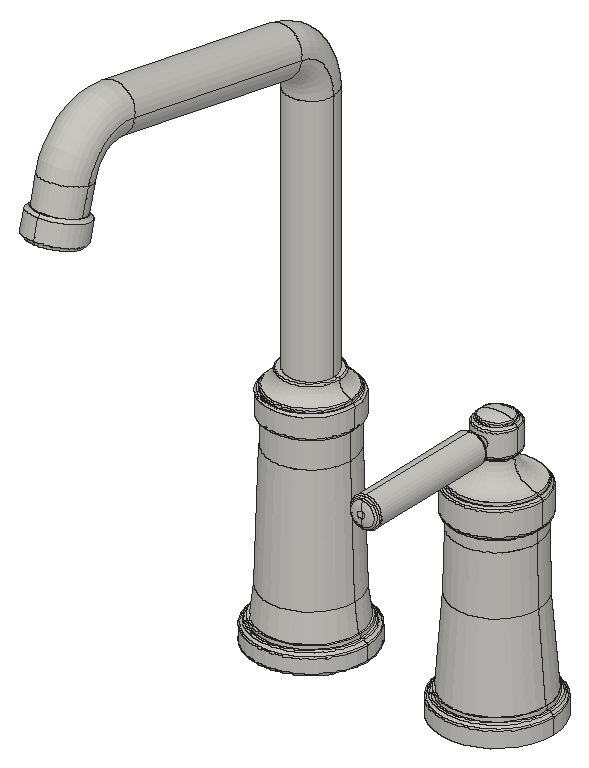
Revit family "Faucet-Bar-KALLISTA-Quincy-P25005", category Plumbing Fixtures, host Face, Revit 2022
Family settings
  Host = Face
  Round Connector Dimension = Use Diameter
  Part Type = Normal
  OmniClass Number = 23.31.11.00
  OmniClass Title = Faucets
  Cut with Voids When Loaded = No
  Maintain Annotation Orientation = No
  Shared = No
  Room Calculation Point = No
Parameters (values of type "AD-Nickel Silver")
  Width [instance] = 4"
  WaterSense Certified = 1 = 0  # no
  Waste Water Outlet = "Waste Water Outlet"  # constant formula
  Waste Connection = 1 = 0  # no
  Vent Connection = 1 = 0  # no
  URL = "https://www.kallista.com/"
  Type = 1
  Spout Reach = 6.8937"  # constant formula
  Product Page URL = "https://www.kallista.com/products/luxury-kitchen/faucets/kitchen/quincy-deck-mount-bridge-faucet-lever-handles-p25001-00/ad-nickel-silver"
  Product Name = "Quincy"  # constant formula
  Product Documentation Link = "https://techcomm.kohler.com/techcomm/pdf/1140092-4.pdf"
  Pressure = 60.00 psi  # constant formula
  Model = if(Type = 1, "P25005-00-AD", if(Type = 2, "P25005-00-AG", if(Type = 3, "P25005-00-CP", if(Type = 4, "P25005-00-ULB", "NA"))))  # "P25005-00-AD"
  Material = "Premium Metal Construction"  # constant formula
  Master Format 2014 Name = "Residential Faucets, Supplies, and Trim"  # constant formula
  Master Format 2014 = "22 41 39"  # constant formula
  Manufacturer Address = "444 Highland Dr, Kohler, WI 53044"  # constant formula
  Manufacturer = "Kallista Co."  # constant formula
  Length = Spout Reach  # 6.8937"
  Hot Water Inlet = "Hot Water Inlet"  # constant formula
  Height = 13.09843"  # constant formula
  Handle Clearance = 3.6378"  # constant formula
  HW Connection = 1 = 1  # yes
  Flow Rate = 1.8 GPM  # constant formula
  Finish = Kallista-Metal-AD-Nickel_Silver
  Environmental Product Declaration = ""
  Drain Included = 1 = 0  # no
  Description = "Deck-Mount Bridge Faucet, Lever Handles"  # constant formula
  Default Elevation = 36"
  Declare Label = ""
  Date Modified = "05/11/2025"  # constant formula
  Date Created = "05/11/2025"  # constant formula
  Copyright = "Copyright Kallista Co."  # constant formula
  Contact Us = "https://www.kallista.com/corporate/contact-us/"
  Cold Water Inlet = "Cold Water Inlet"  # constant formula
  CW Connection = 1 = 1  # yes
  Assembly Code = "D2010"
  ADA Compliant = 1 = 1  # yes
Reference planes (in)
  plane 1 "Center (Front/Back)": y = 0
  plane 2: z = 0
  plane 3 "Center (Left/Right)": x = 0
  plane 4: x = 4
  plane 5: y = 1.2185
  plane 6: y = -1.2185
  plane 7: x = -1.2185
  plane 8: x = 1.2185
  plane 9: x = 2.7815
  plane 10: x = 5.2185
  plane 11: y = -3.6378
  plane 12: z = 8.07087
  plane 13: z = 5.82283
  plane 14: x = 3.41756
  plane 15: x = 4.58244
  plane 16: z = 13.09843
  plane 17: y = -7.4519
  plane 18: y = -6.8937
Dimensions and locks (in)
  "Width": plane 3 "Center (Left/Right)" to plane 4
  plane 7 to plane 3 "Center (Left/Right)" to plane 8 = 1.2185", 1.2185"
  plane 7 to plane 8 = 2.43701"
  plane 9 to plane 4 to plane 10 = 1.2185", 1.2185"
  plane 9 to plane 10 = 2.43701"
  "Handle Clearance": plane 1 "Center (Front/Back)" to plane 11
  plane 14 to plane 4 to plane 15 = 0.58244", 0.58244"
  plane 14 to plane 15 = 1.16488"
  "Length": plane 1 "Center (Front/Back)" to plane 18
  "Height": level to plane 16
  aligned and locked: plane 2 to host face
  aligned and locked: level to host face
  aligned and locked: plane 3 "Center (Left/Right)" to nested 1
  aligned and locked: plane 1 "Center (Front/Back)" to nested 1  (x2)
  aligned and locked: plane 4 to nested 2
  aligned and locked: plane 1 "Center (Front/Back)" to nested 2
Automatic sketch dimensions
  host sketch curve to host sketch curve = 96"  (x2)
Nested families (in)
  nested 1: "P25005" at (0, 0, 0), type "P25005"
  nested 2: "P25005_Handle" at (4, 0, 0), type "P25005_Handle"
Connectors (in)
  piping at (3.41756, 0, 0), diameter 0.37402, driven by "Flow Rate", driven by "Pressure", driven by "HW Connection", driven by "Hot Water Inlet"
    settings: on nested 2, index 1, connector inside diameter 24", connector length 0", flow factor 0, pipe flow 1.8 GPM, pressure drop 60.00 psi, fitting loss kfactor 0, connector angle 0.00°, fixture units 0, engagement length 0", angle of deflection 0.00°, flow configuration 1, flow direction 1, fitting loss method 4, system type 19, joint type 0, gender type 0, connector reference index -1, connector utility 1, adjustable connector no, is connector primary yes, connector description "Hot Water Inlet"
  piping at (4.58244, 0, 0), diameter 0.37402, driven by "Flow Rate", driven by "Pressure", driven by "CW Connection", driven by "Cold Water Inlet"
    settings: on nested 2, index 2, connector inside diameter 24", connector length 0", flow factor 0, pipe flow 1.8 GPM, pressure drop 60.00 psi, fitting loss kfactor 0, connector angle 0.00°, fixture units 0, engagement length 0", angle of deflection 0.00°, flow configuration 1, flow direction 1, fitting loss method 4, system type 20, joint type 0, gender type 0, connector reference index -1, connector utility 1, adjustable connector no, is connector primary no, connector description "Cold Water Inlet"
Definition of nested family "P25005"
  Parameters (values of type "P25005")
    Material = none
    Default Elevation = 0"
  Reference planes (in)
    plane 1 "Center (Front/Back)": y = 0
    plane 2: z = 0
    plane 3 "Center (Left/Right)": x = 0
    plane 4: y = 1.2185
    plane 5: y = -1.2185
    plane 6: x = -1.2185
    plane 7: x = 1.2185
    plane 8: y = -7.4519
    plane 9: x = -0.5
    plane 10: x = 0.5
    plane 11: z = 13.09843
    plane 12: z = 10.70472
    plane 13: y = -6.8937
  Forms (in)
    Revolve 1, solid, material <- "Material", detail levels medium+fine
      sketch origin (0, 0, 0) x (1, 0, 0) y (0, 0, 1)
        loop
          line (0, 0) -> (0, 5.24737) -> (-0.5987, 5.24737)
          arc (-0.5987, 5.24737) -> (-0.61351, 5.24145) -> (-0.62016, 5.22695) r 0.02149
          arc (-0.62016, 5.22695) -> (-0.68927, 5.03882) -> (-0.85304, 4.92328) r 0.33674
          arc (-0.85304, 4.92328) -> (-0.86673, 4.91337) -> (-0.87196, 4.89729) r 0.02731
          line (-0.87196, 4.89729) -> (-0.87196, 4.85449) -> (-0.91211, 4.85449)
          arc (-0.91211, 4.85449) -> (-0.92469, 4.82639) -> (-0.95022, 4.80918) r 0.05602
          line (-0.95022, 4.80918) -> (-0.95022, 4.39398)
          arc (-0.95022, 4.39398) -> (-0.9167, 4.37883) -> (-0.8998, 4.34615) r 0.05602
          line (-0.8998, 4.34615) -> (-0.86571, 4.34615) -> (-0.86571, 3.7556)
          arc (-0.86571, 3.7556) -> (-0.88834, 2.41311) -> (-0.9562, 1.07214) r 39.83368
          arc (-0.9562, 1.07214) -> (-0.98476, 0.77921) -> (-1.03069, 0.48849) r 4.94608
          line (-1.03069, 0.48849) -> (-1.07351, 0.48849) -> (-1.07351, 0.41867) -> (-1.12338, 0.41867)
          arc (-1.12338, 0.41867) -> (-1.13798, 0.41404) -> (-1.14724, 0.40185) r 0.02533
          arc (-1.14724, 0.40185) -> (-1.16844, 0.36696) -> (-1.20168, 0.34325) r 0.1014
          arc (-1.20168, 0.34325) -> (-1.21393, 0.33282) -> (-1.2185, 0.31739) r 0.02828
          line (-1.2185, 0.31739) -> (-1.2185, 0.02185)
          arc (-1.2185, 0.02185) -> (-1.21211, 0.0064) -> (-1.19666, 0) r 0.02185
          line (-1.19666, 0) -> (0, 0)
        axis (0, 5.24737) -> (0, 0)
      angle from 0 to 360
    Sweep 2, solid, material <- "Material", detail levels medium+fine
      path origin (0, 0, 0) x (0, 1, 0) y (0, 0, 1)
        loop
          line (0.49737, 5.23083) -> (0.49737, 10.64794)
          arc (0.49737, 10.64794) -> (0.13772, 11.64963) -> (-0.77695, 12.19381) r 1.5748
          line (-0.77695, 12.19381) -> (-5.25198, 13.06366)
          arc (-5.25198, 13.06366) -> (-6.38699, 12.8533) -> (-7.07361, 11.92538) r 1.5748
          line (-7.07361, 11.92538) -> (-7.22016, 11.37844)
      profile origin (0, 0.49737, 7.93938) x (0, -1, 0) y (1, 0, 0)
        loop
          circle (0.49737, 0) r 0.49737
    Revolve 3, solid, material <- "Material", detail levels medium+fine
      sketch origin (0, 0, 0) x (0, 1, 0) y (0, 0, 1)
        loop
          line (-6.74582, 11.24911) -> (-7.2517, 11.38466)
          arc (-7.2517, 11.38466) -> (-7.28476, 11.3462) -> (-7.33433, 11.33545) r 0.07975
          line (-7.33433, 11.33545) -> (-7.44488, 10.92287)
          arc (-7.44488, 10.92287) -> (-7.40926, 10.88842) -> (-7.39757, 10.84028) r 0.08904
          line (-7.39757, 10.84028) -> (-7.27222, 10.80669) -> (-7.24727, 10.8998) -> (-6.86674, 10.79783) -> (-6.74582, 11.24911)
        axis (-6.74582, 11.24911) -> (-6.89169, 10.70472)
      angle from 0 to 360
    Extrusion 4, solid, detail levels medium+fine
      sketch origin (0, -6.89169, 10.70472) x (0, -0.965926, 0.258819) y (-1, 0, 0)
        loop
          circle (0, 0) r 0.26955
        loop
          line (-0.02087, 0.03615) -> (-0.04175, 0) -> (-0.02087, -0.03615) -> (0.02087, -0.03615) -> (0.04175, 0) -> (0.02087, 0.03615) -> (-0.02087, 0.03615)
        loop
          line (-0.02087, 0.12456) -> (-0.04175, 0.0884) -> (-0.02087, 0.05225) -> (0.02087, 0.05225) -> (0.04175, 0.0884) -> (0.02087, 0.12456) -> (-0.02087, 0.12456)
        loop
          line (-0.02087, 0.22772) -> (-0.04175, 0.19156) -> (-0.02087, 0.15541) -> (0.02087, 0.15541) -> (0.04175, 0.19156) -> (0.02087, 0.22772) -> (-0.02087, 0.22772)
        loop
          line (-0.12218, 0.22772) -> (-0.14305, 0.19156) -> (-0.12218, 0.15541) -> (-0.08043, 0.15541) -> (-0.05956, 0.19156) -> (-0.08043, 0.22772) -> (-0.12218, 0.22772)
        loop
          line (-0.12218, 0.12456) -> (-0.14305, 0.0884) -> (-0.12218, 0.05225) -> (-0.08043, 0.05225) -> (-0.05956, 0.0884) -> (-0.08043, 0.12456) -> (-0.12218, 0.12456)
        loop
          line (-0.12218, 0.03144) -> (-0.14305, -0.00471) -> (-0.12218, -0.04086) -> (-0.08043, -0.04086) -> (-0.05956, -0.00471) -> (-0.08043, 0.03144) -> (-0.12218, 0.03144)
        loop
          line (-0.21768, 0.03144) -> (-0.23855, -0.00471) -> (-0.21768, -0.04086) -> (-0.17594, -0.04086) -> (-0.15506, -0.00471) -> (-0.17594, 0.03144) -> (-0.21768, 0.03144)
        loop
          line (-0.21768, 0.1346) -> (-0.23855, 0.09845) -> (-0.21768, 0.0623) -> (-0.17594, 0.0623) -> (-0.15506, 0.09845) -> (-0.17594, 0.1346) -> (-0.21768, 0.1346)
        loop
          line (-0.21768, -0.06167) -> (-0.23855, -0.09782) -> (-0.21768, -0.13397) -> (-0.17594, -0.13397) -> (-0.15506, -0.09782) -> (-0.17594, -0.06167) -> (-0.21768, -0.06167)
        loop
          line (-0.11017, -0.06167) -> (-0.13104, -0.09782) -> (-0.11017, -0.13397) -> (-0.06842, -0.13397) -> (-0.04755, -0.09782) -> (-0.06842, -0.06167) -> (-0.11017, -0.06167)
        loop
          line (-0.11017, -0.14628) -> (-0.13104, -0.18243) -> (-0.11017, -0.21858) -> (-0.06842, -0.21858) -> (-0.04755, -0.18243) -> (-0.06842, -0.14628) -> (-0.11017, -0.14628)
        loop
          line (-0.02395, -0.04776) -> (-0.04483, -0.08391) -> (-0.02395, -0.12007) -> (0.01779, -0.12007) -> (0.03867, -0.08391) -> (0.01779, -0.04776) -> (-0.02395, -0.04776)
        loop
          line (-0.02395, -0.15986) -> (-0.04483, -0.19601) -> (-0.02395, -0.23217) -> (0.01779, -0.23217) -> (0.03867, -0.19601) -> (0.01779, -0.15986) -> (-0.02395, -0.15986)
        loop
          line (0.12218, 0.22772) -> (0.08043, 0.22772) -> (0.05956, 0.19156) -> (0.08043, 0.15541) -> (0.12218, 0.15541) -> (0.14305, 0.19156) -> (0.12218, 0.22772)
        loop
          line (0.12218, 0.12456) -> (0.08043, 0.12456) -> (0.05956, 0.0884) -> (0.08043, 0.05225) -> (0.12218, 0.05225) -> (0.14305, 0.0884) -> (0.12218, 0.12456)
        loop
          line (0.12218, 0.03144) -> (0.08043, 0.03144) -> (0.05956, -0.00471) -> (0.08043, -0.04086) -> (0.12218, -0.04086) -> (0.14305, -0.00471) -> (0.12218, 0.03144)
        loop
          line (0.21768, 0.03144) -> (0.17594, 0.03144) -> (0.15506, -0.00471) -> (0.17594, -0.04086) -> (0.21768, -0.04086) -> (0.23855, -0.00471) -> (0.21768, 0.03144)
        loop
          line (0.21768, 0.1346) -> (0.17594, 0.1346) -> (0.15506, 0.09845) -> (0.17594, 0.0623) -> (0.21768, 0.0623) -> (0.23855, 0.09845) -> (0.21768, 0.1346)
        loop
          line (0.21768, -0.06167) -> (0.17594, -0.06167) -> (0.15506, -0.09782) -> (0.17594, -0.13397) -> (0.21768, -0.13397) -> (0.23855, -0.09782) -> (0.21768, -0.06167)
        loop
          line (0.11017, -0.06167) -> (0.06842, -0.06167) -> (0.04755, -0.09782) -> (0.06842, -0.13397) -> (0.11017, -0.13397) -> (0.13104, -0.09782) -> (0.11017, -0.06167)
        loop
          line (0.11017, -0.14628) -> (0.06842, -0.14628) -> (0.04755, -0.18243) -> (0.06842, -0.21858) -> (0.11017, -0.21858) -> (0.13104, -0.18243) -> (0.11017, -0.14628)
      from -0.29131 to 0
    Extrusion 5, solid, detail levels medium+fine
      sketch origin (0, -6.89169, 10.70472) x (0, -0.965926, 0.258819) y (-1, 0, 0)
        loop
          arc (0.39395, 0) -> (0.39231, 0.03598) -> (0.38738, 0.07166) r 0.39395
          line (0.38738, 0.07166) -> (0.32779, 0.06064)
          arc (0.32779, 0.06064) -> (0.33332, -0.00455) -> (0.32601, -0.06956) r 0.33335
          line (0.32601, -0.06956) -> (0.38528, -0.08221)
          arc (0.38528, -0.08221) -> (0.39178, -0.04133) -> (0.39395, 0) r 0.39395
        loop
          arc (-0.39395, 0) -> (-0.39218, -0.03733) -> (-0.38688, -0.07432) r 0.39395
          line (-0.38688, -0.07432) -> (-0.32752, -0.06208)
          arc (-0.32752, -0.06208) -> (-0.33334, 0.00198) -> (-0.32676, 0.06597) r 0.33335
          line (-0.32676, 0.06597) -> (-0.38616, 0.07796)
          arc (-0.38616, 0.07796) -> (-0.392, 0.03917) -> (-0.39395, 0) r 0.39395
        loop
          arc (0.07094, 0.38752) -> (-0.00438, 0.39393) -> (-0.07953, 0.38584) r 0.39395
          line (-0.07953, 0.38584) -> (-0.06729, 0.32649)
          arc (-0.06729, 0.32649) -> (-0.0037, 0.33333) -> (0.06002, 0.3279) r 0.33335
          line (0.06002, 0.3279) -> (0.07094, 0.38752)
        loop
          line (0.22442, 0.32379) -> (0.18989, 0.27398)
          arc (0.18989, 0.27398) -> (0.23644, 0.23498) -> (0.27515, 0.18819) r 0.33335
          line (0.27515, 0.18819) -> (0.32517, 0.22241)
          arc (0.32517, 0.22241) -> (0.27943, 0.2777) -> (0.22442, 0.32379) r 0.39395
        loop
          line (0.3251, -0.22251) -> (0.27509, -0.18828)
          arc (0.27509, -0.18828) -> (0.23458, -0.23684) -> (0.18563, -0.27688) r 0.33335
          line (0.18563, -0.27688) -> (0.21938, -0.32722)
          arc (0.21938, -0.32722) -> (0.27723, -0.2799) -> (0.3251, -0.22251) r 0.39395
        loop
          arc (0.06729, -0.32649) -> (0.0037, -0.33333) -> (-0.06002, -0.3279) r 0.33335
          line (-0.06002, -0.3279) -> (-0.07094, -0.38752)
          arc (-0.07094, -0.38752) -> (0.00438, -0.39393) -> (0.07953, -0.38584) r 0.39395
          line (0.07953, -0.38584) -> (0.06729, -0.32649)
        loop
          arc (-0.22304, 0.32473) -> (-0.28172, 0.27538) -> (-0.32972, 0.21561) r 0.39395
          line (-0.32972, 0.21561) -> (-0.27412, 0.18968)
          arc (-0.27412, 0.18968) -> (-0.23531, 0.23612) -> (-0.18873, 0.27478) r 0.33335
          line (-0.18873, 0.27478) -> (-0.22304, 0.32473)
        loop
          arc (-0.32443, -0.22348) -> (-0.27615, -0.28096) -> (-0.21784, -0.32824) r 0.39395
          line (-0.21784, -0.32824) -> (-0.18433, -0.27775)
          arc (-0.18433, -0.27775) -> (-0.23367, -0.23774) -> (-0.27452, -0.1891) r 0.33335
          line (-0.27452, -0.1891) -> (-0.32443, -0.22348)
      from -0.29131 to 0
    Sweep 6, solid, material <- "Material", detail levels coarse
      path origin (0, 0, 0) x (0, 1, 0) y (0, 0, 1)
        loop
          line (0.49731, 5.24692) -> (0.49731, 10.66472)
          arc (0.49731, 10.66472) -> (0.13767, 11.66641) -> (-0.777, 12.21058) r 1.5748
          line (-0.777, 12.21058) -> (-5.18139, 13.06671)
          arc (-5.18139, 13.06671) -> (-6.37993, 12.84457) -> (-7.105, 11.8647) r 1.66297
          line (-7.105, 11.8647) -> (-7.3807, 10.83576)
      profile origin (0, 0.49731, 7.95582) x (0, -1, 0) y (1, 0, 0)
        loop
          circle (0.49731, 0) r 0.49731
    Revolve 7, solid, material <- "Material", detail levels coarse
      sketch origin (0, 0, 0) x (0, 1, 0) y (0, 0, 1)
        loop
          line (0, 5.24692) -> (0, 0) -> (1.2185, 0) -> (1.2185, 5.24692) -> (0, 5.24692)
        axis (0, 5.24692) -> (0, 0)
      angle from 0 to 360
  Lines and regions (in)
    Masking region 1
      outline origin (0, 0, 0) x (1, 0, 0) y (0, 1, 0)
        loop
          line (-0.5, -1.11119) -> (-0.5, -6.46588)
          arc (-0.5, -6.46588) -> (-0.57502, -6.63467) -> (-0.58803, -6.81893) r 0.53379
          spline (-0.58803, -6.81893) -> (-0.59028, -6.89815) -> (-0.58116, -6.97691) -> (-0.56082, -7.05369) -> (-0.52967, -7.12701) -> (-0.48831, -7.19545) -> (-0.43753, -7.25769) -> (-0.37831, -7.31255) -> (-0.31179, -7.35894) -> (-0.23926, -7.39599) -> (-0.16212, -7.42298) -> (-0.08185, -7.43938) -> (0, -7.44488)
          spline (0, -7.44488) -> (0.08185, -7.43938) -> (0.16212, -7.42298) -> (0.23926, -7.39599) -> (0.31179, -7.35894) -> (0.37831, -7.31255) -> (0.43753, -7.25769) -> (0.48831, -7.19545) -> (0.52967, -7.12701) -> (0.56082, -7.05369) -> (0.58116, -6.97691) -> (0.59028, -6.89815) -> (0.58803, -6.81893)
          arc (0.58803, -6.81893) -> (0.57502, -6.63467) -> (0.5, -6.46588) r 0.53379
          line (0.5, -6.46588) -> (0.5, -1.11119)
          arc (0.5, -1.11119) -> (-0.00245, 1.2185) -> (-0.49553, -1.11319) r 1.2185
    Masking region 2
      outline origin (0, 0, 0) x (1, 0, 0) y (0, 0, 1)
        loop
          spline (-0.58499, 11.19807) -> (-0.58581, 11.20247) -> (-0.58552, 11.20688) -> (-0.58413, 11.21128) -> (-0.58164, 11.21566) -> (-0.57804, 11.22002) -> (-0.57335, 11.22435) -> (-0.56758, 11.22864) -> (-0.56073, 11.23289) -> (-0.55283, 11.23708) -> (-0.54388, 11.2412) -> (-0.5339, 11.24526) -> (-0.52291, 11.24924)
          spline (-0.52291, 11.24924) -> (-0.52304, 11.25296) -> (-0.52276, 11.25669) -> (-0.52206, 11.26041) -> (-0.52095, 11.26412) -> (-0.51943, 11.26783) -> (-0.5175, 11.27152) -> (-0.51516, 11.2752) -> (-0.51241, 11.27886) -> (-0.50925, 11.2825) -> (-0.50569, 11.28611) -> (-0.50173, 11.2897) -> (-0.49737, 11.29326)
          line (-0.49737, 11.29326) -> (-0.49737, 12.59986)
          arc (-0.49737, 12.59986) -> (-0.35195, 12.95129) -> (-0.00074, 13.09723) r 0.49737
          arc (-0.00074, 13.09723) -> (0.35143, 12.95181) -> (0.49737, 12.59986) r 0.49737
          line (0.49737, 12.59986) -> (0.49737, 11.29326)
          spline (0.49737, 11.29326) -> (0.50173, 11.2897) -> (0.50569, 11.28611) -> (0.50925, 11.2825) -> (0.51241, 11.27886) -> (0.51516, 11.2752) -> (0.5175, 11.27152) -> (0.51943, 11.26783) -> (0.52095, 11.26412) -> (0.52206, 11.26041) -> (0.52276, 11.25669) -> (0.52304, 11.25296) -> (0.52291, 11.24924)
          spline (0.52291, 11.24924) -> (0.53281, 11.24567) -> (0.54189, 11.24205) -> (0.55016, 11.23836) -> (0.55759, 11.23463) -> (0.56417, 11.23085) -> (0.56989, 11.22702) -> (0.57475, 11.22316) -> (0.57874, 11.21927) -> (0.58184, 11.21536) -> (0.58406, 11.21143) -> (0.5854, 11.20749) -> (0.58584, 11.20354)
          line (0.58584, 11.20354) -> (0.58584, 10.75716)
          spline (0.58584, 10.75716) -> (0.58539, 10.75108) -> (0.58402, 10.74501) -> (0.58174, 10.73896) -> (0.57856, 10.73294) -> (0.57448, 10.72695) -> (0.5695, 10.72101) -> (0.56364, 10.71513) -> (0.5569, 10.70931) -> (0.54929, 10.70357) -> (0.54083, 10.69791) -> (0.53152, 10.69234) -> (0.52139, 10.68687)
          spline (0.52139, 10.68687) -> (0.52032, 10.68454) -> (0.51912, 10.68221) -> (0.51778, 10.6799) -> (0.51632, 10.67759) -> (0.51473, 10.67528) -> (0.51301, 10.67298) -> (0.51116, 10.67069) -> (0.50919, 10.66841) -> (0.50708, 10.66614) -> (0.50485, 10.66388) -> (0.50249, 10.66163) -> (0.5, 10.65939)
          line (0.5, 10.65939) -> (0.5, 5.25002) -> (0.61612, 5.25002)
          arc (0.61612, 5.25002) -> (0.69, 5.04216) -> (0.87196, 4.91743) r 0.35692
          line (0.87196, 4.91743) -> (0.87196, 4.85449) -> (0.91211, 4.85449)
          arc (0.91211, 4.85449) -> (0.92644, 4.82786) -> (0.95022, 4.80918) r 0.07407
          line (0.95022, 4.80918) -> (0.95022, 4.39398)
          arc (0.95022, 4.39398) -> (0.92272, 4.37574) -> (0.90813, 4.34615) r 0.06336
          line (0.90813, 4.34615) -> (0.87582, 4.34615) -> (0.87582, 3.29402)
          arc (0.87582, 3.29402) -> (0.91457, 1.88912) -> (1.03069, 0.48849) r 25.4898
          line (1.03069, 0.48849) -> (1.07351, 0.48849) -> (1.07351, 0.41867) -> (1.14133, 0.41867)
          arc (1.14133, 0.41867) -> (1.17117, 0.37018) -> (1.2185, 0.33854) r 0.13339
          line (1.2185, 0.33854) -> (1.2185, 0) -> (0, 0) -> (-1.2185, 0) -> (-1.2185, 0.33854)
          arc (-1.2185, 0.33854) -> (-1.17117, 0.37018) -> (-1.14133, 0.41867) r 0.13339
          line (-1.14133, 0.41867) -> (-1.07351, 0.41867) -> (-1.07351, 0.48849) -> (-1.03069, 0.48849)
          arc (-1.03069, 0.48849) -> (-0.91457, 1.88912) -> (-0.87582, 3.29402) r 25.4898
          line (-0.87582, 3.29402) -> (-0.87582, 4.34615) -> (-0.90813, 4.34615)
          arc (-0.90813, 4.34615) -> (-0.92272, 4.37574) -> (-0.95022, 4.39398) r 0.06336
          line (-0.95022, 4.39398) -> (-0.95022, 4.80918)
          arc (-0.95022, 4.80918) -> (-0.92644, 4.82786) -> (-0.91211, 4.85449) r 0.07407
          line (-0.91211, 4.85449) -> (-0.87196, 4.85449) -> (-0.87196, 4.91743)
          arc (-0.87196, 4.91743) -> (-0.69, 5.04216) -> (-0.61612, 5.25002) r 0.35692
          line (-0.61612, 5.25002) -> (-0.5, 5.25002) -> (-0.5, 10.65939)
          spline (-0.5, 10.65939) -> (-0.50249, 10.66163) -> (-0.50485, 10.66388) -> (-0.50708, 10.66614) -> (-0.50919, 10.66841) -> (-0.51116, 10.67069) -> (-0.51301, 10.67298) -> (-0.51473, 10.67528) -> (-0.51632, 10.67759) -> (-0.51778, 10.6799) -> (-0.51912, 10.68221) -> (-0.52032, 10.68454) -> (-0.52139, 10.68687)
          spline (-0.52139, 10.68687) -> (-0.53152, 10.69234) -> (-0.54083, 10.69791) -> (-0.54929, 10.70357) -> (-0.5569, 10.70931) -> (-0.56364, 10.71513) -> (-0.5695, 10.72101) -> (-0.57448, 10.72695) -> (-0.57856, 10.73294) -> (-0.58174, 10.73896) -> (-0.58402, 10.74501) -> (-0.58539, 10.75108) -> (-0.58584, 10.75716)
          line (-0.58584, 10.75716) -> (-0.58584, 11.20354)
    Masking region 3
      outline origin (0, 0, 0) x (0, 1, 0) y (0, 0, 1)
        loop
          line (1.2185, 0) -> (1.2185, 0.33722)
          arc (1.2185, 0.33722) -> (1.17574, 0.36264) -> (1.14478, 0.40159) r 0.13796
          arc (1.14478, 0.40159) -> (1.13296, 0.41401) -> (1.11643, 0.41859) r 0.03214
          line (1.11643, 0.41859) -> (1.07266, 0.41859) -> (1.07266, 0.48849) -> (1.02166, 0.48849)
          arc (1.02166, 0.48849) -> (0.90473, 1.79229) -> (0.86571, 3.10074) r 21.9572
          line (0.86571, 3.10074) -> (0.86571, 4.34615)
          arc (0.86571, 4.34615) -> (0.90517, 4.375) -> (0.95022, 4.39398) r 0.21068
          line (0.95022, 4.39398) -> (0.95022, 4.80918)
          arc (0.95022, 4.80918) -> (0.92483, 4.82651) -> (0.91211, 4.85449) r 0.05707
          line (0.91211, 4.85449) -> (0.87196, 4.85449) -> (0.87196, 4.91451)
          arc (0.87196, 4.91451) -> (0.69041, 5.04033) -> (0.61225, 5.24692) r 0.37188
          line (0.61225, 5.24692) -> (0.49731, 5.24692) -> (0.49731, 10.66472)
          arc (0.49731, 10.66472) -> (0.13767, 11.66641) -> (-0.777, 12.21058) r 1.5748
          line (-0.777, 12.21058) -> (-5.18139, 13.06671)
          arc (-5.18139, 13.06671) -> (-6.37993, 12.84457) -> (-7.105, 11.8647) r 1.66297
          line (-7.105, 11.8647) -> (-7.23484, 11.38015)
          arc (-7.23484, 11.38015) -> (-7.28468, 11.35026) -> (-7.34135, 11.33734) r 0.1848
          line (-7.34135, 11.33734) -> (-7.4519, 10.92475)
          arc (-7.4519, 10.92475) -> (-7.41256, 10.88325) -> (-7.3807, 10.83576) r 0.34071
          line (-7.3807, 10.83576) -> (-6.8952, 10.70567) -> (-6.40969, 10.57557)
          arc (-6.40969, 10.57557) -> (-6.35836, 10.60078) -> (-6.30353, 10.61704) r 0.34071
          line (-6.30353, 10.61704) -> (-6.19298, 11.02963)
          arc (-6.19298, 11.02963) -> (-6.23559, 11.06916) -> (-6.26382, 11.11996) r 0.1848
          line (-6.26382, 11.11996) -> (-6.11751, 11.666)
          arc (-6.11751, 11.666) -> (-5.8733, 11.99603) -> (-5.46962, 12.07085) r 0.5601
          line (-5.46962, 12.07085) -> (-0.97518, 11.19722)
          arc (-0.97518, 11.19722) -> (-0.63218, 10.99316) -> (-0.49731, 10.61752) r 0.59055
          line (-0.49731, 10.61752) -> (-0.49731, 5.24692) -> (-0.61225, 5.24692)
          arc (-0.61225, 5.24692) -> (-0.69041, 5.04033) -> (-0.87196, 4.91451) r 0.37188
          line (-0.87196, 4.91451) -> (-0.87196, 4.85449) -> (-0.91211, 4.85449)
          arc (-0.91211, 4.85449) -> (-0.92483, 4.82651) -> (-0.95022, 4.80918) r 0.05707
          line (-0.95022, 4.80918) -> (-0.95022, 4.39398)
          arc (-0.95022, 4.39398) -> (-0.90338, 4.37816) -> (-0.86571, 4.34615) r 0.13138
          line (-0.86571, 4.34615) -> (-0.86571, 3.10074)
          arc (-0.86571, 3.10074) -> (-0.90473, 1.79229) -> (-1.02166, 0.48849) r 21.9572
          line (-1.02166, 0.48849) -> (-1.07266, 0.48849) -> (-1.07266, 0.41859) -> (-1.11643, 0.41859)
          arc (-1.11643, 0.41859) -> (-1.13296, 0.41401) -> (-1.14478, 0.40159) r 0.03214
          arc (-1.14478, 0.40159) -> (-1.17574, 0.36264) -> (-1.2185, 0.33722) r 0.13796
          line (-1.2185, 0.33722) -> (-1.2185, 0) -> (0, 0) -> (1.2185, 0)
    symbolic lines, detail levels medium+fine
      curve 1: arc (0.5, -0.76285, 0) -> (0, 0.91211, 0) -> (-0.5, -0.76285, 0) r 0.91211
      curve 2: arc (0.50934, -1.06564, 0) -> (-0.00516, 1.18109, 0) -> (-0.5, -1.07005, 0) r 1.1811
      curve 3: arc (0.5, -0.70672, 0) -> (0, 0.86571, 0) -> (-0.5, -0.70672, 0) r 0.86571
      curve 4: line (-0.5, -1.2185, 0) -> (-0.5, -1.07005, 0)
      curve 5: line (0.5, -1.41535, 0) -> (0.5, -1.07005, 0)
      curve 6: arc (0.5, -0.00437, 0) -> (0.00437, 0.5, 0) -> (-0.5, 0.00437, 0) r 0.50002
      curve 7: line (-0.5, -0.2013, 0) -> (-0.5, 0.00437, 0)
      curve 8: line (0.5, -0.2013, 0) -> (0.5, -0.00437, 0)
      curve 9: arc (0.5, -0.2013, 0) -> (0, 0.539, 0) -> (-0.5, -0.2013, 0) r 0.539
      curve 10: line (0.5, -0.70672, 0) -> (0.5, -0.2013, 0)
      curve 11: line (0.5, -0.76285, 0) -> (0.5, -0.70672, 0)
      curve 12: line (-0.5, -0.70672, 0) -> (-0.5, -0.2013, 0)
      curve 13: line (-0.5, -0.76285, 0) -> (-0.5, -0.70672, 0)
      curve 14: line (-0.5, -0.94996, 0) -> (-0.5, -0.76285, 0)
      curve 15: line (0.5, -0.94996, 0) -> (0.5, -0.76285, 0)
      curve 16: arc (0.5, -0.94996, 0) -> (0, 1.07351, 0) -> (-0.5, -0.94996, 0) r 1.07351
      curve 17: line (0.5, -1.07005, 0) -> (0.5, -0.94996, 0)
      curve 18: line (-0.5, -1.07005, 0) -> (-0.5, -0.94996, 0)
      curve 19: line (-0.5, -6.46588, 0) -> (-0.5, -6.73282, 0)
      curve 20: line (0.5, -6.73282, 0) -> (0.5, -6.46588, 0)
      curve 21: arc (-0.5, -6.73282, 0) -> (0, -7.23282, 0) -> (0.5, -6.73282, 0) r 0.5
      curve 22: arc (-0.59088, -6.76381, 0) -> (-0.00033, -7.35436, 0) -> (0.59022, -6.76381, 0) r 0.59055
      curve 23: line (-1.03069, 0, 0.48849) -> (1.07351, 0, 0.48849)
      curve 24: line (-1.07351, 0, 0.41867) -> (1.07351, 0, 0.41867)
      curve 25: line (-1.2185, 0, 0.33854) -> (1.2185, 0, 0.33854)
      curve 26: line (-0.87196, 0, 4.85449) -> (0.87196, 0, 4.85449)
      curve 27: line (-0.8998, 0, 4.34615) -> (0.87582, 0, 4.34615)
      curve 28: line (0.95022, 0, 4.39398) -> (-0.95022, 0, 4.39398)
      curve 29: line (-0.95022, 0, 4.80918) -> (0.95022, 0, 4.80918)
      curve 30: line (-0.5, 0, 5.25002) -> (0.5, 0, 5.25002)
      curve 31: line (-0.87196, 0, 4.91743) -> (0.87196, 0, 4.91743)
      curve 32: spline (0, 0, 10.92287) -> (0.07078, 0, 10.92176) -> (0.14054, 0, 10.91848) -> (0.20828, 0, 10.91305) -> (0.27301, 0, 10.90556) -> (0.33381, 0, 10.89612) -> (0.38981, 0, 10.88486) -> (0.44019, 0, 10.87194) -> (0.48423, 0, 10.85756) -> (0.52129, 0, 10.84192) -> (0.55085, 0, 10.82523) -> (0.57247, 0, 10.80775) -> (0.58584, 0, 10.78973)
      curve 33: spline (0, 0, 10.56917) -> (-0.04765, 0, 10.56973) -> (-0.09491, 0, 10.5714) -> (-0.14139, 0, 10.57416) -> (-0.18671, 0, 10.57799) -> (-0.23049, 0, 10.58286) -> (-0.27239, 0, 10.58873) -> (-0.31204, 0, 10.59556) -> (-0.34914, 0, 10.60328) -> (-0.38336, 0, 10.61184) -> (-0.41444, 0, 10.62116) -> (-0.44211, 0, 10.63116) -> (-0.46616, 0, 10.64177)
      curve 34: spline (0, 0, 10.84028) -> (0.074, 0, 10.83893) -> (0.14652, 0, 10.83492) -> (0.21614, 0, 10.82832) -> (0.28146, 0, 10.81926) -> (0.34119, 0, 10.80793) -> (0.39414, 0, 10.79455) -> (0.43926, 0, 10.77939) -> (0.47566, 0, 10.76274) -> (0.5026, 0, 10.74494) -> (0.51956, 0, 10.72634) -> (0.5262, 0, 10.70731) -> (0.52238, 0, 10.68823)
      curve 35: spline (-0.58584, 0, 10.78973) -> (-0.57247, 0, 10.80775) -> (-0.55085, 0, 10.82523) -> (-0.52129, 0, 10.84192) -> (-0.48423, 0, 10.85756) -> (-0.44019, 0, 10.87194) -> (-0.38981, 0, 10.88486) -> (-0.33381, 0, 10.89612) -> (-0.27301, 0, 10.90556) -> (-0.20828, 0, 10.91305) -> (-0.14054, 0, 10.91848) -> (-0.07078, 0, 10.92176) -> (0, 0, 10.92287)
      curve 36: spline (0.36004, 0, 10.60586) -> (0.33524, 0, 10.60023) -> (0.30913, 0, 10.59502) -> (0.2818, 0, 10.59024) -> (0.25336, 0, 10.58591) -> (0.22391, 0, 10.58205) -> (0.19359, 0, 10.57868) -> (0.16251, 0, 10.5758) -> (0.13078, 0, 10.57343) -> (0.09854, 0, 10.57157) -> (0.06591, 0, 10.57024) -> (0.03302, 0, 10.56944) -> (0, 0, 10.56917)
      curve 37: spline (-0.51878, 0, 10.68179) -> (-0.52621, 0, 10.70135) -> (-0.52258, 0, 10.72097) -> (-0.50797, 0, 10.74025) -> (-0.48269, 0, 10.75879) -> (-0.44727, 0, 10.77619) -> (-0.40245, 0, 10.79209) -> (-0.34918, 0, 10.80615) -> (-0.28858, 0, 10.81809) -> (-0.22191, 0, 10.82764) -> (-0.15058, 0, 10.83461) -> (-0.07609, 0, 10.83885) -> (0, 0, 10.84028)
      curve 38: spline (0, 0, 10.60276) -> (-0.10196, 0, 10.60624) -> (-0.19698, 0, 10.61642) -> (-0.27857, 0, 10.63263) -> (-0.34117, 0, 10.65374) -> (-0.38053, 0, 10.67833) -> (-0.39395, 0, 10.70472) -> (-0.38053, 0, 10.73111) -> (-0.34117, 0, 10.75571) -> (-0.27857, 0, 10.77682) -> (-0.19698, 0, 10.79303) -> (-0.10196, 0, 10.80321) -> (0, 0, 10.80669)
      curve 39: spline (0, 0, 10.80669) -> (0.10196, 0, 10.80321) -> (0.19698, 0, 10.79303) -> (0.27857, 0, 10.77682) -> (0.34117, 0, 10.75571) -> (0.38053, 0, 10.73111) -> (0.39395, 0, 10.70472) -> (0.38053, 0, 10.67833) -> (0.34117, 0, 10.65374) -> (0.27857, 0, 10.63263) -> (0.19698, 0, 10.61642) -> (0.10196, 0, 10.60624) -> (0, 0, 10.60276)
      curve 40: arc (-0.46616, 0, 10.64177) -> (-0.48318, 0, 10.65038) -> (-0.5, 0, 10.65939) r 0.81105
      curve 41: arc (0.49998, 0, 10.65941) -> (0.43173, 0, 10.62813) -> (0.36004, 0, 10.60586) r 0.58486
      curve 42: arc (-0.52321, 0, 11.24925) -> (0, 0, 11.29656) -> (0.52321, 0, 11.24925) r 2.91634
      curve 43: arc (-0.4972, 0, 11.29297) -> (0, 0, 11.33544) -> (0.4972, 0, 11.29297) r 2.93137
      curve 44: spline (0.03615, 0, 10.70472) -> (0.03492, 0, 10.70193) -> (0.03131, 0, 10.69932) -> (0.02556, 0, 10.69708) -> (0.01808, 0, 10.69537) -> (0.00936, 0, 10.69429) -> (0, 0, 10.69392) -> (-0.00936, 0, 10.69429) -> (-0.01808, 0, 10.69537) -> (-0.02556, 0, 10.69708) -> (-0.03131, 0, 10.69932) -> (-0.03492, 0, 10.70193) -> (-0.03615, 0, 10.70472) -> (-0.03492, 0, 10.70752) -> (-0.03131, 0, 10.71013) -> (-0.02556, 0, 10.71236) -> (-0.01808, 0, 10.71408) -> (-0.00936, 0, 10.71516) -> (0, 0, 10.71553) -> (0.00936, 0, 10.71516) -> (0.01808, 0, 10.71408) -> (0.02556, 0, 10.71236) -> (0.03131, 0, 10.71013) -> (0.03492, 0, 10.70752) -> (0.03615, 0, 10.70472)
      curve 45: spline (0.03615, 0, 10.74105) -> (0.03492, 0, 10.73825) -> (0.03131, 0, 10.73564) -> (0.02556, 0, 10.73341) -> (0.01808, 0, 10.73169) -> (0.00936, 0, 10.73061) -> (0, 0, 10.73024) -> (-0.00936, 0, 10.73061) -> (-0.01808, 0, 10.73169) -> (-0.02556, 0, 10.73341) -> (-0.03131, 0, 10.73564) -> (-0.03492, 0, 10.73825) -> (-0.03615, 0, 10.74105) -> (-0.03492, 0, 10.74384) -> (-0.03131, 0, 10.74645) -> (-0.02556, 0, 10.74869) -> (-0.01808, 0, 10.7504) -> (-0.00936, 0, 10.75148) -> (0, 0, 10.75185) -> (0.00936, 0, 10.75148) -> (0.01808, 0, 10.7504) -> (0.02556, 0, 10.74869) -> (0.03131, 0, 10.74645) -> (0.03492, 0, 10.74384) -> (0.03615, 0, 10.74105)
      curve 46: spline (0.03615, 0, 10.77449) -> (0.03492, 0, 10.77169) -> (0.03131, 0, 10.76909) -> (0.02556, 0, 10.76685) -> (0.01808, 0, 10.76513) -> (0.00936, 0, 10.76405) -> (0, 0, 10.76368) -> (-0.00936, 0, 10.76405) -> (-0.01808, 0, 10.76513) -> (-0.02556, 0, 10.76685) -> (-0.03131, 0, 10.76909) -> (-0.03492, 0, 10.77169) -> (-0.03615, 0, 10.77449) -> (-0.03492, 0, 10.77728) -> (-0.03131, 0, 10.77989) -> (-0.02556, 0, 10.78213) -> (-0.01808, 0, 10.78385) -> (-0.00936, 0, 10.78492) -> (0, 0, 10.78529) -> (0.00936, 0, 10.78492) -> (0.01808, 0, 10.78385) -> (0.02556, 0, 10.78213) -> (0.03131, 0, 10.77989) -> (0.03492, 0, 10.77728) -> (0.03615, 0, 10.77449)
      curve 47: spline (-0.05249, 0, 10.77449) -> (-0.05372, 0, 10.77169) -> (-0.05733, 0, 10.76909) -> (-0.06307, 0, 10.76685) -> (-0.07056, 0, 10.76513) -> (-0.07928, 0, 10.76405) -> (-0.08864, 0, 10.76368) -> (-0.098, 0, 10.76405) -> (-0.10671, 0, 10.76513) -> (-0.1142, 0, 10.76685) -> (-0.11995, 0, 10.76909) -> (-0.12356, 0, 10.77169) -> (-0.12479, 0, 10.77449) -> (-0.12356, 0, 10.77728) -> (-0.11995, 0, 10.77989) -> (-0.1142, 0, 10.78213) -> (-0.10671, 0, 10.78385) -> (-0.098, 0, 10.78492) -> (-0.08864, 0, 10.78529) -> (-0.07928, 0, 10.78492) -> (-0.07056, 0, 10.78385) -> (-0.06307, 0, 10.78213) -> (-0.05733, 0, 10.77989) -> (-0.05372, 0, 10.77728) -> (-0.05249, 0, 10.77449)
      curve 48: spline (-0.05249, 0, 10.73782) -> (-0.05372, 0, 10.73502) -> (-0.05733, 0, 10.73242) -> (-0.06307, 0, 10.73018) -> (-0.07056, 0, 10.72846) -> (-0.07928, 0, 10.72738) -> (-0.08864, 0, 10.72702) -> (-0.098, 0, 10.72738) -> (-0.10671, 0, 10.72846) -> (-0.1142, 0, 10.73018) -> (-0.11995, 0, 10.73242) -> (-0.12356, 0, 10.73502) -> (-0.12479, 0, 10.73782) -> (-0.12356, 0, 10.74062) -> (-0.11995, 0, 10.74322) -> (-0.1142, 0, 10.74546) -> (-0.10671, 0, 10.74718) -> (-0.098, 0, 10.74826) -> (-0.08864, 0, 10.74863) -> (-0.07928, 0, 10.74826) -> (-0.07056, 0, 10.74718) -> (-0.06307, 0, 10.74546) -> (-0.05733, 0, 10.74322) -> (-0.05372, 0, 10.74062) -> (-0.05249, 0, 10.73782)
      curve 49: spline (-0.05249, 0, 10.70318) -> (-0.05372, 0, 10.70038) -> (-0.05733, 0, 10.69778) -> (-0.06307, 0, 10.69554) -> (-0.07056, 0, 10.69382) -> (-0.07928, 0, 10.69274) -> (-0.08864, 0, 10.69237) -> (-0.098, 0, 10.69274) -> (-0.10671, 0, 10.69382) -> (-0.1142, 0, 10.69554) -> (-0.11995, 0, 10.69778) -> (-0.12356, 0, 10.70038) -> (-0.12479, 0, 10.70318) -> (-0.12356, 0, 10.70597) -> (-0.11995, 0, 10.70858) -> (-0.1142, 0, 10.71082) -> (-0.10671, 0, 10.71254) -> (-0.098, 0, 10.71361) -> (-0.08864, 0, 10.71398) -> (-0.07928, 0, 10.71361) -> (-0.07056, 0, 10.71254) -> (-0.06307, 0, 10.71082) -> (-0.05733, 0, 10.70858) -> (-0.05372, 0, 10.70597) -> (-0.05249, 0, 10.70318)
      curve 50: spline (-0.13904, 0, 10.70318) -> (-0.14027, 0, 10.70038) -> (-0.14389, 0, 10.69778) -> (-0.14963, 0, 10.69554) -> (-0.15712, 0, 10.69382) -> (-0.16584, 0, 10.69274) -> (-0.1752, 0, 10.69237) -> (-0.18455, 0, 10.69274) -> (-0.19327, 0, 10.69382) -> (-0.20076, 0, 10.69554) -> (-0.20651, 0, 10.69778) -> (-0.21012, 0, 10.70038) -> (-0.21135, 0, 10.70318) -> (-0.21012, 0, 10.70597) -> (-0.20651, 0, 10.70858) -> (-0.20076, 0, 10.71082) -> (-0.19327, 0, 10.71254) -> (-0.18455, 0, 10.71361) -> (-0.1752, 0, 10.71398) -> (-0.16584, 0, 10.71361) -> (-0.15712, 0, 10.71254) -> (-0.14963, 0, 10.71082) -> (-0.14389, 0, 10.70858) -> (-0.14027, 0, 10.70597) -> (-0.13904, 0, 10.70318)
      curve 51: spline (-0.13904, 0, 10.75204) -> (-0.14027, 0, 10.74924) -> (-0.14389, 0, 10.74664) -> (-0.14963, 0, 10.7444) -> (-0.15712, 0, 10.74268) -> (-0.16584, 0, 10.7416) -> (-0.1752, 0, 10.74124) -> (-0.18455, 0, 10.7416) -> (-0.19327, 0, 10.74268) -> (-0.20076, 0, 10.7444) -> (-0.20651, 0, 10.74664) -> (-0.21012, 0, 10.74924) -> (-0.21135, 0, 10.75204) -> (-0.21012, 0, 10.75484) -> (-0.20651, 0, 10.75744) -> (-0.20076, 0, 10.75968) -> (-0.19327, 0, 10.7614) -> (-0.18455, 0, 10.76248) -> (-0.1752, 0, 10.76285) -> (-0.16584, 0, 10.76248) -> (-0.15712, 0, 10.7614) -> (-0.14963, 0, 10.75968) -> (-0.14389, 0, 10.75744) -> (-0.14027, 0, 10.75484) -> (-0.13904, 0, 10.75204)
      curve 52: spline (-0.23677, 0, 10.75204) -> (-0.238, 0, 10.74924) -> (-0.24161, 0, 10.74664) -> (-0.24736, 0, 10.7444) -> (-0.25485, 0, 10.74268) -> (-0.26356, 0, 10.7416) -> (-0.27292, 0, 10.74124) -> (-0.28228, 0, 10.7416) -> (-0.291, 0, 10.74268) -> (-0.29849, 0, 10.7444) -> (-0.30423, 0, 10.74664) -> (-0.30784, 0, 10.74924) -> (-0.30907, 0, 10.75204) -> (-0.30784, 0, 10.75484) -> (-0.30423, 0, 10.75744) -> (-0.29849, 0, 10.75968) -> (-0.291, 0, 10.7614) -> (-0.28228, 0, 10.76248) -> (-0.27292, 0, 10.76285) -> (-0.26356, 0, 10.76248) -> (-0.25485, 0, 10.7614) -> (-0.24736, 0, 10.75968) -> (-0.24161, 0, 10.75744) -> (-0.238, 0, 10.75484) -> (-0.23677, 0, 10.75204)
      curve 53: spline (-0.23677, 0, 10.70611) -> (-0.238, 0, 10.70331) -> (-0.24161, 0, 10.70071) -> (-0.24736, 0, 10.69847) -> (-0.25485, 0, 10.69675) -> (-0.26356, 0, 10.69567) -> (-0.27292, 0, 10.69531) -> (-0.28228, 0, 10.69567) -> (-0.291, 0, 10.69675) -> (-0.29849, 0, 10.69847) -> (-0.30423, 0, 10.70071) -> (-0.30784, 0, 10.70331) -> (-0.30907, 0, 10.70611) -> (-0.30784, 0, 10.70891) -> (-0.30423, 0, 10.71151) -> (-0.29849, 0, 10.71375) -> (-0.291, 0, 10.71547) -> (-0.28228, 0, 10.71655) -> (-0.27292, 0, 10.71691) -> (-0.26356, 0, 10.71655) -> (-0.25485, 0, 10.71547) -> (-0.24736, 0, 10.71375) -> (-0.24161, 0, 10.71151) -> (-0.238, 0, 10.70891) -> (-0.23677, 0, 10.70611)
      curve 54: spline (-0.05249, 0, 10.63496) -> (-0.05372, 0, 10.63776) -> (-0.05733, 0, 10.64036) -> (-0.06307, 0, 10.6426) -> (-0.07056, 0, 10.64432) -> (-0.07928, 0, 10.6454) -> (-0.08864, 0, 10.64577) -> (-0.098, 0, 10.6454) -> (-0.10671, 0, 10.64432) -> (-0.1142, 0, 10.6426) -> (-0.11995, 0, 10.64036) -> (-0.12356, 0, 10.63776) -> (-0.12479, 0, 10.63496) -> (-0.12356, 0, 10.63216) -> (-0.11995, 0, 10.62956) -> (-0.1142, 0, 10.62732) -> (-0.10671, 0, 10.6256) -> (-0.098, 0, 10.62452) -> (-0.08864, 0, 10.62416) -> (-0.07928, 0, 10.62452) -> (-0.07056, 0, 10.6256) -> (-0.06307, 0, 10.62732) -> (-0.05733, 0, 10.62956) -> (-0.05372, 0, 10.63216) -> (-0.05249, 0, 10.63496)
      curve 55: spline (-0.05249, 0, 10.67163) -> (-0.05372, 0, 10.67442) -> (-0.05733, 0, 10.67703) -> (-0.06307, 0, 10.67927) -> (-0.07056, 0, 10.68099) -> (-0.07928, 0, 10.68206) -> (-0.08864, 0, 10.68243) -> (-0.098, 0, 10.68206) -> (-0.10671, 0, 10.68099) -> (-0.1142, 0, 10.67927) -> (-0.11995, 0, 10.67703) -> (-0.12356, 0, 10.67442) -> (-0.12479, 0, 10.67163) -> (-0.12356, 0, 10.66883) -> (-0.11995, 0, 10.66623) -> (-0.1142, 0, 10.66399) -> (-0.10671, 0, 10.66227) -> (-0.098, 0, 10.66119) -> (-0.08864, 0, 10.66082) -> (-0.07928, 0, 10.66119) -> (-0.07056, 0, 10.66227) -> (-0.06307, 0, 10.66399) -> (-0.05733, 0, 10.66623) -> (-0.05372, 0, 10.66883) -> (-0.05249, 0, 10.67163)
      curve 56: spline (-0.13904, 0, 10.65741) -> (-0.14027, 0, 10.6602) -> (-0.14389, 0, 10.66281) -> (-0.14963, 0, 10.66505) -> (-0.15712, 0, 10.66676) -> (-0.16584, 0, 10.66784) -> (-0.1752, 0, 10.66821) -> (-0.18455, 0, 10.66784) -> (-0.19327, 0, 10.66676) -> (-0.20076, 0, 10.66505) -> (-0.20651, 0, 10.66281) -> (-0.21012, 0, 10.6602) -> (-0.21135, 0, 10.65741) -> (-0.21012, 0, 10.65461) -> (-0.20651, 0, 10.65201) -> (-0.20076, 0, 10.64977) -> (-0.19327, 0, 10.64805) -> (-0.18455, 0, 10.64697) -> (-0.1752, 0, 10.6466) -> (-0.16584, 0, 10.64697) -> (-0.15712, 0, 10.64805) -> (-0.14963, 0, 10.64977) -> (-0.14389, 0, 10.65201) -> (-0.14027, 0, 10.65461) -> (-0.13904, 0, 10.65741)
      curve 57: spline (-0.23677, 0, 10.65741) -> (-0.238, 0, 10.6602) -> (-0.24161, 0, 10.66281) -> (-0.24736, 0, 10.66505) -> (-0.25485, 0, 10.66676) -> (-0.26356, 0, 10.66784) -> (-0.27292, 0, 10.66821) -> (-0.28228, 0, 10.66784) -> (-0.291, 0, 10.66676) -> (-0.29849, 0, 10.66505) -> (-0.30423, 0, 10.66281) -> (-0.30784, 0, 10.6602) -> (-0.30907, 0, 10.65741) -> (-0.30784, 0, 10.65461) -> (-0.30423, 0, 10.65201) -> (-0.29849, 0, 10.64977) -> (-0.291, 0, 10.64805) -> (-0.28228, 0, 10.64697) -> (-0.27292, 0, 10.6466) -> (-0.26356, 0, 10.64697) -> (-0.25485, 0, 10.64805) -> (-0.24736, 0, 10.64977) -> (-0.24161, 0, 10.65201) -> (-0.238, 0, 10.65461) -> (-0.23677, 0, 10.65741)
      curve 58: spline (0.05249, 0, 10.77449) -> (0.05372, 0, 10.77169) -> (0.05733, 0, 10.76909) -> (0.06307, 0, 10.76685) -> (0.07056, 0, 10.76513) -> (0.07928, 0, 10.76405) -> (0.08864, 0, 10.76368) -> (0.098, 0, 10.76405) -> (0.10671, 0, 10.76513) -> (0.1142, 0, 10.76685) -> (0.11995, 0, 10.76909) -> (0.12356, 0, 10.77169) -> (0.12479, 0, 10.77449) -> (0.12356, 0, 10.77728) -> (0.11995, 0, 10.77989) -> (0.1142, 0, 10.78213) -> (0.10671, 0, 10.78385) -> (0.098, 0, 10.78492) -> (0.08864, 0, 10.78529) -> (0.07928, 0, 10.78492) -> (0.07056, 0, 10.78385) -> (0.06307, 0, 10.78213) -> (0.05733, 0, 10.77989) -> (0.05372, 0, 10.77728) -> (0.05249, 0, 10.77449)
      curve 59: spline (0.05249, 0, 10.73782) -> (0.05372, 0, 10.73502) -> (0.05733, 0, 10.73242) -> (0.06307, 0, 10.73018) -> (0.07056, 0, 10.72846) -> (0.07928, 0, 10.72738) -> (0.08864, 0, 10.72702) -> (0.098, 0, 10.72738) -> (0.10671, 0, 10.72846) -> (0.1142, 0, 10.73018) -> (0.11995, 0, 10.73242) -> (0.12356, 0, 10.73502) -> (0.12479, 0, 10.73782) -> (0.12356, 0, 10.74062) -> (0.11995, 0, 10.74322) -> (0.1142, 0, 10.74546) -> (0.10671, 0, 10.74718) -> (0.098, 0, 10.74826) -> (0.08864, 0, 10.74863) -> (0.07928, 0, 10.74826) -> (0.07056, 0, 10.74718) -> (0.06307, 0, 10.74546) -> (0.05733, 0, 10.74322) -> (0.05372, 0, 10.74062) -> (0.05249, 0, 10.73782)
      curve 60: spline (0.05249, 0, 10.70318) -> (0.05372, 0, 10.70038) -> (0.05733, 0, 10.69778) -> (0.06307, 0, 10.69554) -> (0.07056, 0, 10.69382) -> (0.07928, 0, 10.69274) -> (0.08864, 0, 10.69237) -> (0.098, 0, 10.69274) -> (0.10671, 0, 10.69382) -> (0.1142, 0, 10.69554) -> (0.11995, 0, 10.69778) -> (0.12356, 0, 10.70038) -> (0.12479, 0, 10.70318) -> (0.12356, 0, 10.70597) -> (0.11995, 0, 10.70858) -> (0.1142, 0, 10.71082) -> (0.10671, 0, 10.71254) -> (0.098, 0, 10.71361) -> (0.08864, 0, 10.71398) -> (0.07928, 0, 10.71361) -> (0.07056, 0, 10.71254) -> (0.06307, 0, 10.71082) -> (0.05733, 0, 10.70858) -> (0.05372, 0, 10.70597) -> (0.05249, 0, 10.70318)
      curve 61: spline (0.13904, 0, 10.70318) -> (0.14027, 0, 10.70038) -> (0.14389, 0, 10.69778) -> (0.14963, 0, 10.69554) -> (0.15712, 0, 10.69382) -> (0.16584, 0, 10.69274) -> (0.1752, 0, 10.69237) -> (0.18455, 0, 10.69274) -> (0.19327, 0, 10.69382) -> (0.20076, 0, 10.69554) -> (0.20651, 0, 10.69778) -> (0.21012, 0, 10.70038) -> (0.21135, 0, 10.70318) -> (0.21012, 0, 10.70597) -> (0.20651, 0, 10.70858) -> (0.20076, 0, 10.71082) -> (0.19327, 0, 10.71254) -> (0.18455, 0, 10.71361) -> (0.1752, 0, 10.71398) -> (0.16584, 0, 10.71361) -> (0.15712, 0, 10.71254) -> (0.14963, 0, 10.71082) -> (0.14389, 0, 10.70858) -> (0.14027, 0, 10.70597) -> (0.13904, 0, 10.70318)
      curve 62: spline (0.13904, 0, 10.75204) -> (0.14027, 0, 10.74924) -> (0.14389, 0, 10.74664) -> (0.14963, 0, 10.7444) -> (0.15712, 0, 10.74268) -> (0.16584, 0, 10.7416) -> (0.1752, 0, 10.74124) -> (0.18455, 0, 10.7416) -> (0.19327, 0, 10.74268) -> (0.20076, 0, 10.7444) -> (0.20651, 0, 10.74664) -> (0.21012, 0, 10.74924) -> (0.21135, 0, 10.75204) -> (0.21012, 0, 10.75484) -> (0.20651, 0, 10.75744) -> (0.20076, 0, 10.75968) -> (0.19327, 0, 10.7614) -> (0.18455, 0, 10.76248) -> (0.1752, 0, 10.76285) -> (0.16584, 0, 10.76248) -> (0.15712, 0, 10.7614) -> (0.14963, 0, 10.75968) -> (0.14389, 0, 10.75744) -> (0.14027, 0, 10.75484) -> (0.13904, 0, 10.75204)
      curve 63: spline (0.23677, 0, 10.75204) -> (0.238, 0, 10.74924) -> (0.24161, 0, 10.74664) -> (0.24736, 0, 10.7444) -> (0.25485, 0, 10.74268) -> (0.26356, 0, 10.7416) -> (0.27292, 0, 10.74124) -> (0.28228, 0, 10.7416) -> (0.291, 0, 10.74268) -> (0.29849, 0, 10.7444) -> (0.30423, 0, 10.74664) -> (0.30784, 0, 10.74924) -> (0.30907, 0, 10.75204) -> (0.30784, 0, 10.75484) -> (0.30423, 0, 10.75744) -> (0.29849, 0, 10.75968) -> (0.291, 0, 10.7614) -> (0.28228, 0, 10.76248) -> (0.27292, 0, 10.76285) -> (0.26356, 0, 10.76248) -> (0.25485, 0, 10.7614) -> (0.24736, 0, 10.75968) -> (0.24161, 0, 10.75744) -> (0.238, 0, 10.75484) -> (0.23677, 0, 10.75204)
      curve 64: spline (0.23677, 0, 10.70611) -> (0.238, 0, 10.70331) -> (0.24161, 0, 10.70071) -> (0.24736, 0, 10.69847) -> (0.25485, 0, 10.69675) -> (0.26356, 0, 10.69567) -> (0.27292, 0, 10.69531) -> (0.28228, 0, 10.69567) -> (0.291, 0, 10.69675) -> (0.29849, 0, 10.69847) -> (0.30423, 0, 10.70071) -> (0.30784, 0, 10.70331) -> (0.30907, 0, 10.70611) -> (0.30784, 0, 10.70891) -> (0.30423, 0, 10.71151) -> (0.29849, 0, 10.71375) -> (0.291, 0, 10.71547) -> (0.28228, 0, 10.71655) -> (0.27292, 0, 10.71691) -> (0.26356, 0, 10.71655) -> (0.25485, 0, 10.71547) -> (0.24736, 0, 10.71375) -> (0.24161, 0, 10.71151) -> (0.238, 0, 10.70891) -> (0.23677, 0, 10.70611)
      curve 65: spline (0.05249, 0, 10.63496) -> (0.05372, 0, 10.63776) -> (0.05733, 0, 10.64036) -> (0.06307, 0, 10.6426) -> (0.07056, 0, 10.64432) -> (0.07928, 0, 10.6454) -> (0.08864, 0, 10.64577) -> (0.098, 0, 10.6454) -> (0.10671, 0, 10.64432) -> (0.1142, 0, 10.6426) -> (0.11995, 0, 10.64036) -> (0.12356, 0, 10.63776) -> (0.12479, 0, 10.63496) -> (0.12356, 0, 10.63216) -> (0.11995, 0, 10.62956) -> (0.1142, 0, 10.62732) -> (0.10671, 0, 10.6256) -> (0.098, 0, 10.62452) -> (0.08864, 0, 10.62416) -> (0.07928, 0, 10.62452) -> (0.07056, 0, 10.6256) -> (0.06307, 0, 10.62732) -> (0.05733, 0, 10.62956) -> (0.05372, 0, 10.63216) -> (0.05249, 0, 10.63496)
      curve 66: spline (0.05249, 0, 10.67163) -> (0.05372, 0, 10.67442) -> (0.05733, 0, 10.67703) -> (0.06307, 0, 10.67927) -> (0.07056, 0, 10.68099) -> (0.07928, 0, 10.68206) -> (0.08864, 0, 10.68243) -> (0.098, 0, 10.68206) -> (0.10671, 0, 10.68099) -> (0.1142, 0, 10.67927) -> (0.11995, 0, 10.67703) -> (0.12356, 0, 10.67442) -> (0.12479, 0, 10.67163) -> (0.12356, 0, 10.66883) -> (0.11995, 0, 10.66623) -> (0.1142, 0, 10.66399) -> (0.10671, 0, 10.66227) -> (0.098, 0, 10.66119) -> (0.08864, 0, 10.66082) -> (0.07928, 0, 10.66119) -> (0.07056, 0, 10.66227) -> (0.06307, 0, 10.66399) -> (0.05733, 0, 10.66623) -> (0.05372, 0, 10.66883) -> (0.05249, 0, 10.67163)
      curve 67: spline (0.13904, 0, 10.65741) -> (0.14027, 0, 10.6602) -> (0.14389, 0, 10.66281) -> (0.14963, 0, 10.66505) -> (0.15712, 0, 10.66676) -> (0.16584, 0, 10.66784) -> (0.1752, 0, 10.66821) -> (0.18455, 0, 10.66784) -> (0.19327, 0, 10.66676) -> (0.20076, 0, 10.66505) -> (0.20651, 0, 10.66281) -> (0.21012, 0, 10.6602) -> (0.21135, 0, 10.65741) -> (0.21012, 0, 10.65461) -> (0.20651, 0, 10.65201) -> (0.20076, 0, 10.64977) -> (0.19327, 0, 10.64805) -> (0.18455, 0, 10.64697) -> (0.1752, 0, 10.6466) -> (0.16584, 0, 10.64697) -> (0.15712, 0, 10.64805) -> (0.14963, 0, 10.64977) -> (0.14389, 0, 10.65201) -> (0.14027, 0, 10.65461) -> (0.13904, 0, 10.65741)
      curve 68: spline (0.23677, 0, 10.65741) -> (0.238, 0, 10.6602) -> (0.24161, 0, 10.66281) -> (0.24736, 0, 10.66505) -> (0.25485, 0, 10.66676) -> (0.26356, 0, 10.66784) -> (0.27292, 0, 10.66821) -> (0.28228, 0, 10.66784) -> (0.291, 0, 10.66676) -> (0.29849, 0, 10.66505) -> (0.30423, 0, 10.66281) -> (0.30784, 0, 10.6602) -> (0.30907, 0, 10.65741) -> (0.30784, 0, 10.65461) -> (0.30423, 0, 10.65201) -> (0.29849, 0, 10.64977) -> (0.291, 0, 10.64805) -> (0.28228, 0, 10.64697) -> (0.27292, 0, 10.6466) -> (0.26356, 0, 10.64697) -> (0.25485, 0, 10.64805) -> (0.24736, 0, 10.64977) -> (0.24161, 0, 10.65201) -> (0.238, 0, 10.65461) -> (0.23677, 0, 10.65741)
      curve 69: spline (0.03615, 0, 10.6684) -> (0.03492, 0, 10.6712) -> (0.03131, 0, 10.67381) -> (0.02556, 0, 10.67604) -> (0.01808, 0, 10.67776) -> (0.00936, 0, 10.67884) -> (0, 0, 10.67921) -> (-0.00936, 0, 10.67884) -> (-0.01808, 0, 10.67776) -> (-0.02556, 0, 10.67604) -> (-0.03131, 0, 10.67381) -> (-0.03492, 0, 10.6712) -> (-0.03615, 0, 10.6684) -> (-0.03492, 0, 10.66561) -> (-0.03131, 0, 10.663) -> (-0.02556, 0, 10.66076) -> (-0.01808, 0, 10.65905) -> (-0.00936, 0, 10.65797) -> (0, 0, 10.6576) -> (0.00936, 0, 10.65797) -> (0.01808, 0, 10.65905) -> (0.02556, 0, 10.66076) -> (0.03131, 0, 10.663) -> (0.03492, 0, 10.66561) -> (0.03615, 0, 10.6684)
      curve 70: spline (0.03615, 0, 10.63496) -> (0.03492, 0, 10.63776) -> (0.03131, 0, 10.64036) -> (0.02556, 0, 10.6426) -> (0.01808, 0, 10.64432) -> (0.00936, 0, 10.6454) -> (0, 0, 10.64577) -> (-0.00936, 0, 10.6454) -> (-0.01808, 0, 10.64432) -> (-0.02556, 0, 10.6426) -> (-0.03131, 0, 10.64036) -> (-0.03492, 0, 10.63776) -> (-0.03615, 0, 10.63496) -> (-0.03492, 0, 10.63216) -> (-0.03131, 0, 10.62956) -> (-0.02556, 0, 10.62732) -> (-0.01808, 0, 10.6256) -> (-0.00936, 0, 10.62452) -> (0, 0, 10.62416) -> (0.00936, 0, 10.62452) -> (0.01808, 0, 10.6256) -> (0.02556, 0, 10.62732) -> (0.03131, 0, 10.62956) -> (0.03492, 0, 10.63216) -> (0.03615, 0, 10.63496)
      curve 71: line (0, -6.26382, 11.11996) -> (0, -7.23484, 11.38015)
      curve 72: line (0, -6.19298, 11.02963) -> (0, -7.33433, 11.33545)
      curve 73: line (0, -7.4519, 10.92475) -> (0, -6.30353, 10.61704)
      curve 74: line (0, 0.49731, 5.24692) -> (0, -0.55478, 5.24692)
      curve 75: line (0, 1.2185, 0.33722) -> (0, -1.2185, 0.33722)
      curve 76: line (0, -1.11643, 0.41859) -> (0, 1.07266, 0.41859)
      curve 77: line (0, 1.02166, 0.48849) -> (0, -1.03069, 0.48849)
      curve 78: line (0, 0.86571, 4.34615) -> (0, -0.86571, 4.34615)
      curve 79: line (0, -0.95022, 4.39398) -> (0, 0.95022, 4.39398)
      curve 80: line (0, 0.95022, 4.80918) -> (0, -0.95022, 4.80918)
      curve 81: line (0, -0.87196, 4.85449) -> (0, 0.87196, 4.85449)
      curve 82: line (0, 0.87196, 4.91451) -> (0, -0.87196, 4.91451)
  Dimensions and locks (in)
    plane 11 to level = 13.09843"
    aligned and locked: level to plane 2
Definition of nested family "P25005_Handle"
  Parameters
    Material = none
    Default Elevation = 0"
  Reference planes (in)
    plane 1 "Center (Front/Back)": y = 0
    plane 2: z = 0
    plane 3 "Center (Left/Right)": x = 0
    plane 4: x = -1.2185
    plane 5: x = 1.2185
    plane 6: y = 1.2185
    plane 7: y = -1.2185
    plane 8: y = -3.6378
    plane 9: z = 5.82283
    plane 10: x = -0.58244
    plane 11: x = 0.58244
  Forms (in)
    Revolve 1, solid, material <- "Material", detail levels medium+fine
      sketch origin (0, 0, 0) x (1, 0, 0) y (0, 0, 1)
        loop
          line (0, 0) -> (0, 5.82283)
          arc (0, 5.82283) -> (-0.17044, 5.8067) -> (-0.33474, 5.75859) r 0.89993
          arc (-0.33474, 5.75859) -> (-0.34702, 5.74871) -> (-0.35164, 5.73364) r 0.02687
          line (-0.35164, 5.73364) -> (-0.35164, 5.70207) -> (-0.39036, 5.70207)
          arc (-0.39036, 5.70207) -> (-0.40372, 5.6723) -> (-0.43049, 5.65365) r 0.0611
          arc (-0.43049, 5.65365) -> (-0.44407, 5.64341) -> (-0.44923, 5.62719) r 0.02805
          line (-0.44923, 5.62719) -> (-0.44923, 5.15212)
          arc (-0.44923, 5.15212) -> (-0.44513, 5.13704) -> (-0.43397, 5.1261) r 0.02981
          arc (-0.43397, 5.1261) -> (-0.40933, 5.10616) -> (-0.39279, 5.07912) r 0.09329
          arc (-0.39279, 5.07912) -> (-0.38126, 5.06391) -> (-0.36354, 5.05682) r 0.03571
          arc (-0.36354, 5.05682) -> (-0.51452, 4.69231) -> (-0.87903, 4.54133) r 0.51549
          line (-0.87903, 4.54133) -> (-0.87903, 4.48398) -> (-0.92433, 4.48398)
          arc (-0.92433, 4.48398) -> (-0.9322, 4.45702) -> (-0.95333, 4.43852) r 0.05014
          arc (-0.95333, 4.43852) -> (-0.96873, 4.42504) -> (-0.97447, 4.40538) r 0.03655
